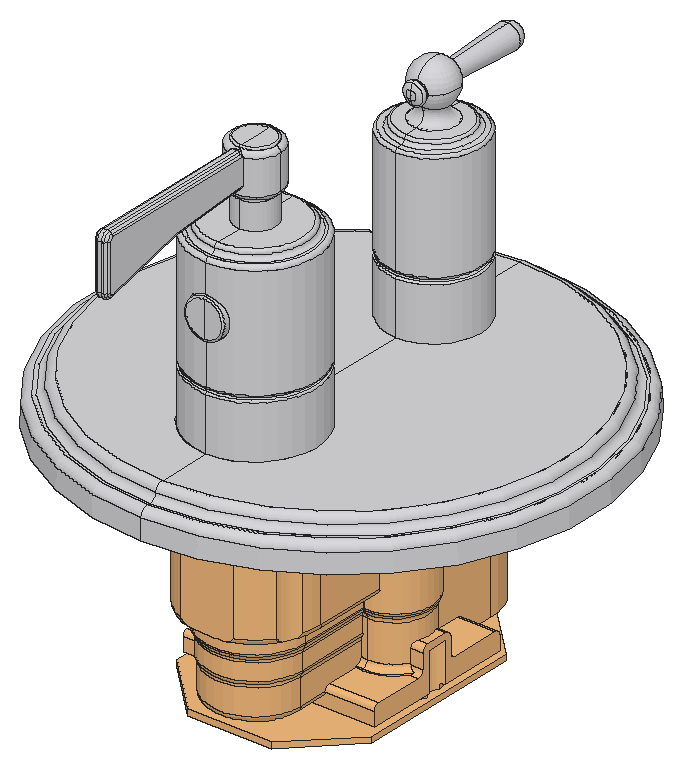
Revit family "Shower-Valve_Trim-KOHLER-MODULO-K-72817T_1", category Plumbing Fixtures, host Face, Revit 2017
Family settings
  Host = Face
  Round Connector Dimension = Use Diameter
  Part Type = Normal
  OmniClass Number = 23.31.25.00
  Cut with Voids When Loaded = No
  Shared = No
  Room Calculation Point = No
Parameters (values of type "CP-Polished Chrome")
  Width = 7 11/128"  # constant formula
  WaterSense Certified = 1 = 0  # no
  Waste Water Outlet = "Waste Water Outlet"  # constant formula
  Waste Connection = 1 = 0  # no
  Vent Connection = 1 = 0  # no
  URL = "http://www.kohler.com.cn/"
  Type = 1
  Tempered Water Outlet 2 = "Tempered Water Outlet 2"  # constant formula
  Tempered Water Outlet 1 = "Tempered Water Outlet 1"  # constant formula
  Product Page URL = "https://www.kohler.com.cn/product/K-72817T-4/K-72817T-4-CP/"
  Product Name = "MODULO"  # constant formula
  Product Documentation Link = "https://files.kohler.com.cn/pdfs/1595311135200_1232851-2_A1.pdf"
  Pressure = 11.00 psi  # constant formula
  Model = "K-72817T-4-CP"  # constant formula
  Handle Clearance = 2 193/256"  # constant formula
  Material = "Premium Metal Construction"  # constant formula
  Master Format 2014 Name = "Residential Showers"  # constant formula
  Master Format 2014 = "22 42 23"  # constant formula
  Manufacturer Address = "Kohler Beijing Office (100016) 36-2-03-B, No. 88, Liuxiang Road, Beijing"  # constant formula
  Manufacturer = "KOHLER Co."  # constant formula
  Length = 4 29/128"  # constant formula
  Hot Water Inlet = "Hot Water Inlet"  # constant formula
  Height = 7 11/128"  # constant formula
  HW Connection = 1 = 1  # yes
  Flow Rate = 0 GPM
  Finish = Kohler-Metal-CP-Polished_Chrome
  Environmental Product Declaration = ""
  Drain Included = 1 = 0  # no
  Description = "Smart matching valve core series Smart matching round thermostatic in-wall bathtub shower valve core and panel (Yaqi handle)"  # constant formula
  Default Elevation = 42"
  Declare Label = ""
  Date Modified = "10/09/2020"  # constant formula
  Date Created = "10/09/2020"  # constant formula
  Copyright = "Copyright KOHLER Co."  # constant formula
  Contact Us = "http://www.kohler.com.cn/contact/contact-us/"
  Cold Water Inlet = "Cold Water Inlet"  # constant formula
  CW Connection = 1 = 1  # yes
  Assembly Code = "D2010700"
  ADA Compliant = 1 = 0  # no
Reference planes (in)
  plane 1 "Center (Front/Back)": y = 0
  plane 2: z = 0
  plane 3 "Center (Left/Right)": x = 0
  plane 4: x = -3.54346
  plane 5: x = -0.86614
  plane 6: z = 3.53149
  plane 7: x = 0.63921
  plane 8: x = 3.54247
  plane 9: z = 0.59055
  plane 10: y = 3.54331
  plane 11: y = -3.54262
  plane 12: y = 2.30318
  plane 13: y = -0.6496
  plane 14: y = -2.38188
  plane 15: y = 3.11182
  plane 16: y = -4.26974
  plane 17: y = 1.63386
  plane 18: y = -1.51583
  plane 19: y = 0.96455
  plane 20: z = 4.22656
  plane 21: z = -3.34872
  plane 22: x = 0.86614
  plane 23: x = 0.66929
  plane 24: x = -0.66929
Forms (in)
  Extrusion 1, void
    sketch origin (0, 0, 0) x (1, 0, 0) y (0, 1, 0)
      loop
        line (-1.55483, 2.53101) -> (-1.55483, -2.531) -> (1.37824, -2.531) -> (1.37824, 2.53101) -> (-1.55483, 2.53101)
    from 0 to -3.10856
Dimensions and locks (in)
  "Width": plane 4 to plane 8
  "Height": plane 10 to plane 11
  "Handle Clearance": plane 18 to plane 16
  "Length": plane 20 to level
  plane 17 to plane 18 = 3.14969"
  plane 15 to plane 17 = 1.47795"
  aligned and locked: plane 2 to host face
  aligned and locked: level to host face
Automatic sketch dimensions
  host sketch curve to host sketch curve = 96"  (x2)
  plane 5 to Extrusion 1 sketch curve = 0.68869"
  Extrusion 1 sketch curve to plane 7 = 0.73903"
  plane 1 "Center (Front/Back)" to Extrusion 1 sketch curve = 2.531"
  Extrusion 1 sketch curve to plane 1 "Center (Front/Back)" = 2.53101"
Nested families (in)
  nested 1: "K-72817T" at (0, 0, 0), type "K-72817T"
Connectors (in)
  piping at (-0.86614, 0, -3.10856), diameter 0.5, driven by "Flow Rate", driven by "HW Connection", driven by "Hot Water Inlet", driven by "Pressure"
    settings: on nested 1, index 1, connector inside diameter 24", connector length 0", flow factor 0, pipe flow 0 GPM, pressure drop 11.00 psi, fitting loss kfactor 0, connector angle 0.00°, fixture units 0, engagement length 0", angle of deflection 0.00°, flow configuration 0, flow direction 1, fitting loss method 4, system type 19, joint type 0, gender type 0, connector reference index -1, connector utility 1, adjustable connector no, is connector primary yes, connector description "Hot Water Inlet"
  piping at (0, -1.51574, -3.10856), diameter 0.5, driven by "Flow Rate", driven by "HW Connection", driven by "Tempered Water Outlet 1", driven by "Pressure"
    settings: on nested 1, index 2, connector inside diameter 24", connector length 0", flow factor 0, pipe flow 0 GPM, pressure drop 11.00 psi, fitting loss kfactor 0, connector angle 0.00°, fixture units 0, engagement length 0", angle of deflection 0.00°, flow configuration 0, flow direction 2, fitting loss method 4, system type 19, joint type 0, gender type 0, connector reference index -1, connector utility 1, adjustable connector no, is connector primary no, connector description "Tempered Water Outlet 1"
  piping at (0, 1.63386, -3.10856), diameter 0.5, driven by "Flow Rate", driven by "HW Connection", driven by "Tempered Water Outlet 2", driven by "Pressure"
    settings: on nested 1, index 3, connector inside diameter 24", connector length 0", flow factor 0, pipe flow 0 GPM, pressure drop 11.00 psi, fitting loss kfactor 0, connector angle 0.00°, fixture units 0, engagement length 0", angle of deflection 0.00°, flow configuration 0, flow direction 2, fitting loss method 4, system type 19, joint type 0, gender type 0, connector reference index -1, connector utility 1, adjustable connector no, is connector primary no, connector description "Tempered Water Outlet 2"
  piping at (0.86614, 0, -3.10856), diameter 0.5, driven by "Flow Rate", driven by "CW Connection", driven by "Cold Water Inlet", driven by "Pressure"
    settings: on nested 1, index 4, connector inside diameter 24", connector length 0", flow factor 0, pipe flow 0 GPM, pressure drop 11.00 psi, fitting loss kfactor 0, connector angle 0.00°, fixture units 0, engagement length 0", angle of deflection 0.00°, flow configuration 0, flow direction 1, fitting loss method 4, system type 20, joint type 0, gender type 0, connector reference index -1, connector utility 1, adjustable connector no, is connector primary no, connector description "Cold Water Inlet"
Definition of nested family "K-72817T"
  Parameters (values of type "K-72817T")
    Material = none
  Reference planes (in)
    plane 1 "Center (Front/Back)": y = 0
    plane 2: z = 0
    plane 3 "Center (Left/Right)": x = 0
    plane 4: x = 0.68992
    plane 5: z = 0.59055
    plane 6: x = -0.86614
    plane 7: z = 3.53149
    plane 8: x = 0.86614
    plane 9: x = -3.54346
    plane 10: x = 3.54346
    plane 11: x = -0.86614
    plane 12: x = -0.68992
    plane 13: y = 3.54331
    plane 14: z = 3.94689
    plane 15: y = -1.51574
    plane 16: y = 1.63386
    plane 17: y = -3.54331
    plane 18: y = -4.26974
    plane 19: y = 3.11182
  Forms (in)
    Revolve 1, solid, material <- "Material", detail levels medium+fine
      sketch origin (0, 0, 0) x (0, 1, 0) y (0, 0, 1)
        loop
          line (2.30316, 0.59055) -> (2.30316, 1.33633) -> (2.28121, 1.35827) -> (2.21457, 1.35827) -> (2.21457, 1.40551) -> (2.28349, 1.40551)
          arc (2.28349, 1.40551) -> (2.2974, 1.41127) -> (2.30316, 1.42517) r 0.01966
          line (2.30316, 1.42517) -> (2.30316, 2.92726)
          arc (2.30316, 2.92726) -> (2.29357, 2.95302) -> (2.26947, 2.96624) r 0.0394
          arc (2.26947, 2.96624) -> (2.23244, 2.97183) -> (2.19547, 2.97775) r 4.26932
          arc (2.19547, 2.97775) -> (2.1618, 2.9954) -> (2.14531, 3.02965) r 0.06048
          arc (2.14531, 3.02965) -> (2.13409, 3.05237) -> (2.1113, 3.06342) r 0.03908
          arc (2.1113, 3.06342) -> (2.02436, 3.0731) -> (1.93723, 3.0809) r 4.06962
          line (1.93723, 3.0809) -> (1.63386, 3.0809) -> (1.63386, 0.59055) -> (2.30316, 0.59055)
        axis (1.63386, 0.59055) -> (1.63386, 3.0809)
      angle from 0 to 360
    Revolve 2, solid, material <- "Material", detail levels medium+fine
      sketch origin (0, 0, 0) x (0, 1, 0) y (0, 0, 1)
        loop
          arc (3.11182, 3.5315) -> (3.05832, 3.65834) -> (2.93013, 3.70861) r 0.17711
          arc (2.93013, 3.70861) -> (2.42556, 3.6896) -> (1.92158, 3.65864) r 21.31025
          line (1.92158, 3.65864) -> (1.34918, 3.66557)
          arc (1.34918, 3.66557) -> (1.33185, 3.66437) -> (1.3173, 3.67385) r 0.02734
          arc (1.3173, 3.67385) -> (1.29141, 3.68619) -> (1.2658, 3.67326) r 0.03256
          arc (1.2658, 3.67326) -> (1.24559, 3.63898) -> (1.23367, 3.601) r 0.17443
          arc (1.23367, 3.601) -> (1.22875, 3.56641) -> (1.22719, 3.5315) r 0.36085
          line (1.22719, 3.5315) -> (3.11182, 3.5315)
        axis (1.22719, 3.5315) -> (3.11182, 3.5315)
      angle from 0 to 360
    Revolve 3, solid, material <- "Material", detail levels medium+fine
      sketch origin (0, 0, 0) x (0, 1, 0) y (0, 0, 1)
        loop
          line (-0.73818, 1.35827) -> (-0.73818, 1.40551) -> (-0.66929, 1.40551)
          arc (-0.66929, 1.40551) -> (-0.65537, 1.41128) -> (-0.6496, 1.4252) r 0.01969
          line (-0.6496, 1.4252) -> (-0.6496, 3.00145)
          arc (-0.6496, 3.00145) -> (-0.66647, 3.04218) -> (-0.70721, 3.05906) r 0.05761
          line (-0.70721, 3.05906) -> (-0.74905, 3.05906)
          arc (-0.74905, 3.05906) -> (-0.79373, 3.07976) -> (-0.80683, 3.12724) r 0.05857
          arc (-0.80683, 3.12724) -> (-0.81641, 3.162) -> (-0.84914, 3.17717) r 0.04289
          line (-0.84914, 3.17717) -> (-1.23793, 3.17717) -> (-1.23793, 3.54781)
          arc (-1.23793, 3.54781) -> (-1.21952, 3.59522) -> (-1.17394, 3.6178) r 0.07027
          line (-1.17394, 3.6178) -> (-1.51574, 3.6178) -> (-1.51574, 0.59055) -> (-0.6496, 0.59055) -> (-0.6496, 1.33857)
          arc (-0.6496, 1.33857) -> (-0.65537, 1.3525) -> (-0.6693, 1.35827) r 0.0197
          line (-0.6693, 1.35827) -> (-0.73818, 1.35827)
        axis (-1.51574, 3.6178) -> (-1.51574, 0.59055)
      angle from 0 to 360
    Revolve 4, solid, material <- "Material", detail levels medium+fine
      sketch origin (0, 0, 0) x (0, 1, 0) y (0, 0, 1)
        loop
          line (0, 0) -> (3.54331, 0) -> (3.53355, 0.27966)
          arc (3.53355, 0.27966) -> (3.49754, 0.36054) -> (3.41545, 0.3937) r 0.11817
          line (3.41545, 0.3937) -> (3.36864, 0.3937)
          arc (3.36864, 0.3937) -> (3.30242, 0.41956) -> (3.27123, 0.48345) r 0.09774
          arc (3.27123, 0.48345) -> (3.23401, 0.55969) -> (3.15497, 0.59055) r 0.11665
          line (3.15497, 0.59055) -> (0, 0.59055) -> (0, 0)
        axis (0, 0.59055) -> (0, 0)
      angle from 0 to 360
    Extrusion 5, void
      sketch origin (0, 0, 0) x (1, 0, 0) y (0, 0, 1)
        loop
          circle (-0.00009, 2.31112) r 0.29586
      from 2.26097 to 2.45027
    Revolve 6, solid, material <- "Material", detail levels medium+fine
      sketch origin (0, 0, 0) x (0, 1, 0) y (0, 0, 1)
        loop
          line (-2.20894, 2.30709) -> (-2.20894, 2.58267) -> (-2.40243, 2.58267)
          arc (-2.40243, 2.58267) -> (-2.41668, 2.57677) -> (-2.42259, 2.56251) r 0.02016
          line (-2.42259, 2.56251) -> (-2.42259, 2.30709) -> (-2.20894, 2.30709)
        axis (-2.42259, 2.30709) -> (-2.20894, 2.30709)
      angle from 0 to 360
    Revolve 7, solid, material <- "Material", detail levels medium+fine
      sketch origin (0, 0, 0) x (0, 1, 0) y (0, 0, 1)
        loop
          arc (1.94627, 3.5315) -> (1.85667, 3.75585) -> (1.63386, 3.84925) r 0.31245
          line (1.63386, 3.84925) -> (1.63386, 3.0809) -> (1.94606, 3.0809)
          arc (1.94606, 3.0809) -> (1.8255, 3.16065) -> (1.85174, 3.3028) r 0.13099
          arc (1.85174, 3.3028) -> (1.9207, 3.40818) -> (1.94627, 3.5315) r 0.33782
        axis (1.63386, 3.0809) -> (1.63386, 3.84925)
      angle from 0 to 360
    Extrusion 8, solid, detail levels medium+fine
      sketch origin (0, 0, 0) x (1, 0, 0) y (0, 1, 0)
        loop
          line (-1.37767, 1.18111) -> (-1.37767, -1.1811) -> (-0.59027, -1.9685) -> (0.59083, -1.9685) -> (1.37824, -1.1811) -> (1.37824, 1.18111) -> (0.59083, 1.96851) -> (-0.59027, 1.96851) -> (-1.37767, 1.18111)
      from -3.10856 to -3.02982
    Sweep 9, solid, detail levels medium+fine
      path origin (0, 0, 0) x (1, 0, 0) y (0, 1, 0)
        loop
          line (-0.92491, -0.41589) -> (-0.92491, -1.5195)
          arc (-0.92491, -1.5195) -> (0.00028, -2.4447) -> (0.92548, -1.5195) r 0.9252
          line (0.92548, -1.5195) -> (0.92548, -0.41589)
      profile origin (0.92548, -0.9677, 0) x (-1, 0, 0) y (0, 0, 1)
        loop
          line (0.28543, -2.38556) -> (0.28543, -2.75898)
          arc (0.28543, -2.75898) -> (0.30787, -2.81315) -> (0.36205, -2.83559) r 0.07662
          line (0.36205, -2.83559) -> (0.44974, -2.83559) -> (0.44974, -0.58973) -> (0.07368, -0.60286)
          arc (0.07368, -0.60286) -> (0.02143, -0.62613) -> (0, -0.67916) r 0.07634
          line (0, -0.67916) -> (0, -1.62756)
          arc (0, -1.62756) -> (0.0217, -1.68128) -> (0.07463, -1.70484) r 0.07733
          line (0.07463, -1.70484) -> (0.13089, -1.70681)
          arc (0.13089, -1.70681) -> (0.18465, -1.73074) -> (0.20669, -1.7853) r 0.07854
          line (0.20669, -1.7853) -> (0.20669, -1.92642)
          arc (0.20669, -1.92642) -> (0.209, -1.94396) -> (0.21577, -1.96031) r 0.06778
          line (0.21577, -1.96031) -> (0.24455, -2.01014)
          arc (0.24455, -2.01014) -> (0.25302, -2.03059) -> (0.25591, -2.05254) r 0.08479
          line (0.25591, -2.05254) -> (0.25591, -2.29306)
          arc (0.25591, -2.29306) -> (0.25921, -2.31427) -> (0.2688, -2.33347) r 0.06975
          arc (0.2688, -2.33347) -> (0.28118, -2.35822) -> (0.28543, -2.38556) r 0.08991
    Revolve 10, solid, detail levels medium+fine
      sketch origin (-0.75, 0, 0) x (0, 1, 0) y (0, 0, 1)
        loop
          line (0, -0.54951) -> (0, -3.02982) -> (0.55978, -3.02982) -> (0.55978, -2.67089)
          arc (0.55978, -2.67089) -> (0.50166, -2.64682) -> (0.47758, -2.58869) r 0.08221
          line (0.47758, -2.58869) -> (0.47758, -2.0613)
          arc (0.47758, -2.0613) -> (0.48165, -2.03038) -> (0.49358, -2.00157) r 0.11947
          line (0.49358, -2.00157) -> (0.51956, -1.95658)
          arc (0.51956, -1.95658) -> (0.52571, -1.94173) -> (0.52781, -1.92579) r 0.06157
          line (0.52781, -1.92579) -> (0.52781, -1.23823)
          arc (0.52781, -1.23823) -> (0.5313, -1.21167) -> (0.54156, -1.18691) r 0.10264
          line (0.54156, -1.18691) -> (0.55799, -1.15845)
          arc (0.55799, -1.15845) -> (0.56597, -1.13918) -> (0.5687, -1.11849) r 0.07992
          line (0.5687, -1.11849) -> (0.5687, -0.65974) -> (0.50858, -0.65974) -> (0.53151, -0.63682) -> (0.53151, -0.57221) -> (0.50881, -0.54951) -> (0, -0.54951)
        axis (0, -3.02982) -> (0, -0.54951)
      angle from 0 to 360
    Revolve 11, solid, detail levels medium+fine
      sketch origin (0.75057, 0, 0) x (0, 1, 0) y (0, 0, -1)
        loop
          line (0, 0.54951) -> (0.50881, 0.54951) -> (0.53151, 0.57221) -> (0.53151, 0.63682) -> (0.50858, 0.65974) -> (0.5687, 0.65974) -> (0.5687, 1.11849)
          arc (0.5687, 1.11849) -> (0.56597, 1.13918) -> (0.55799, 1.15845) r 0.07992
          line (0.55799, 1.15845) -> (0.54156, 1.18691)
          arc (0.54156, 1.18691) -> (0.5313, 1.21167) -> (0.52781, 1.23823) r 0.10264
          line (0.52781, 1.23823) -> (0.52781, 1.92579)
          arc (0.52781, 1.92579) -> (0.52571, 1.94173) -> (0.51956, 1.95658) r 0.06157
          line (0.51956, 1.95658) -> (0.49358, 2.00157)
          arc (0.49358, 2.00157) -> (0.48165, 2.03038) -> (0.47758, 2.0613) r 0.11947
          line (0.47758, 2.0613) -> (0.47758, 2.58869)
          arc (0.47758, 2.58869) -> (0.50166, 2.64682) -> (0.55978, 2.67089) r 0.08221
          line (0.55978, 2.67089) -> (0.55978, 3.02982) -> (0, 3.02982) -> (0, 0.54951)
        axis (0, 3.02982) -> (0, 0.54951)
      angle from 0 to 360
    Sweep 12, solid, detail levels medium+fine
      path origin (0, 0, 0) x (1, 0, 0) y (0, 1, 0)
        loop
          line (0.80737, 0.45838) -> (0.80737, 1.63383)
          arc (0.80737, 1.63383) -> (0.00028, 2.44092) -> (-0.8068, 1.63383) r 0.80709
          line (-0.8068, 1.63383) -> (-0.8068, 0.45838)
      profile origin (0.80737, 1.04611, 0) x (-1, 0, 0) y (0, 0, 1)
        loop
          line (0, -0.92298) -> (0, -2.95502) -> (0.25, -2.95502) -> (0.25, -0.8288) -> (0.08539, -0.83455)
          arc (0.08539, -0.83455) -> (0.02483, -0.86151) -> (0, -0.92298) r 0.08848
    Revolve 13, solid, detail levels medium+fine
      sketch origin (0, 0, 0) x (0, 1, 0) y (0, 0, 1)
        loop
          line (-2.35815, -0.45502) -> (-2.25401, -0.45502)
          arc (-2.25401, -0.45502) -> (-2.28294, -0.56158) -> (-2.38189, -0.61059) r 0.13451
          line (-2.38189, -0.61059) -> (-2.38189, -0.89265) -> (-1.51574, -0.89265) -> (-1.51574, 0) -> (-2.38189, 0) -> (-2.38189, -0.43128) -> (-2.35815, -0.45502)
        axis (-1.51574, 0) -> (-1.51574, -0.89265)
      angle from 0 to 360
    Revolve 14, solid, detail levels medium+fine
      sketch origin (0.00027, 0, 0) x (0, 1, 0) y (0, 0, 1)
        loop
          line (0.96457, -0.75029) -> (1.00081, -0.75029) -> (1.00081, -1.00029) -> (1.63386, -1.00029) -> (1.63386, 0) -> (0.96457, 0) -> (0.96457, -0.75029)
        axis (1.63386, 0) -> (1.63386, -1.00029)
      angle from 0 to 360
    Extrusion 15, solid, detail levels medium+fine
      sketch origin (0, 0, 0) x (0, 1, 0) y (0, 0, 1)
        loop
          line (-0.31692, -2.68552) -> (-1.02842, -2.68552)
          arc (-1.02842, -2.68552) -> (-1.08017, -2.70696) -> (-1.10161, -2.75871) r 0.07319
          line (-1.10161, -2.75871) -> (-1.10161, -2.95561) -> (1.10162, -2.95561) -> (1.10162, -2.75928)
          arc (1.10162, -2.75928) -> (1.08001, -2.70712) -> (1.02786, -2.68552) r 0.07376
          line (1.02786, -2.68552) -> (0.31677, -2.68552)
          arc (0.31677, -2.68552) -> (0.26169, -2.66271) -> (0.23888, -2.60763) r 0.07789
          line (0.23888, -2.60763) -> (0.23888, -2.40213)
          arc (0.23888, -2.40213) -> (0.21516, -2.34488) -> (0.1579, -2.32116) r 0.08097
          line (0.1579, -2.32116) -> (-0.15768, -2.32116)
          arc (-0.15768, -2.32116) -> (-0.21509, -2.34494) -> (-0.23887, -2.40235) r 0.08119
          line (-0.23887, -2.40235) -> (-0.23887, -2.60748)
          arc (-0.23887, -2.60748) -> (-0.26173, -2.66266) -> (-0.31692, -2.68552) r 0.07804
      from -1.34814 to 1.34871
    Extrusion 16, void
      sketch origin (0, 0, 0) x (1, 0, 0) y (0, 1, 0)
        loop
          line (1.38084, -0.15608) -> (1.38084, 0.15609)
          arc (1.38084, 0.15609) -> (1.23887, 0) -> (1.38084, -0.15608) r 0.15679
        loop
          arc (-1.38027, -0.15608) -> (-1.23831, 0) -> (-1.38027, 0.15609) r 0.15679
          line (-1.38027, 0.15609) -> (-1.38027, -0.15608)
      from -3.02982 to -2.40384
    Extrusion 17, void
      sketch origin (0, 0, 0) x (1, 0, 0) y (0, 1, 0)
        loop
          line (-0.91353, -1.76965) -> (-0.75045, -2.11937)
          arc (-0.75045, -2.11937) -> (-0.77679, -1.91877) -> (-0.91353, -1.76965) r 0.33605
        loop
          arc (-0.40375, -2.36659) -> (0.00294, -2.46753) -> (0.40963, -2.36659) r 0.86978
          arc (0.40963, -2.36659) -> (0.00294, -2.36446) -> (-0.40375, -2.36659) r 38.76517
        loop
          arc (0.91409, -1.76965) -> (0.77735, -1.91877) -> (0.75101, -2.11937) r 0.33605
          line (0.75101, -2.11937) -> (0.91409, -1.76965)
      from -1.75423 to -0.59202
    Extrusion 18, void
      sketch origin (0, 0, 0) x (1, 0, 0) y (0, 1, 0)
        loop
          line (-0.32587, 2.38189) -> (0.32644, 2.38189)
          arc (0.32644, 2.38189) -> (0.00028, 2.4499) -> (-0.32587, 2.38189) r 0.81607
      from -2.55014 to -0.83455
    Extrusion 19, void
      sketch origin (0, 0, 0) x (1, 0, 0) y (0, 1, 0)
        loop
          line (-0.56985, 2.26687) -> (0.56306, 2.26687)
          arc (0.56306, 2.26687) -> (-0.00339, 2.49557) -> (-0.56985, 2.26687) r 0.81586
      from -2.95502 to -2.44776
    Extrusion 20, solid, detail levels medium+fine
      sketch origin (0, 0, 0) x (1, 0, 0) y (0, 1, 0)
        loop
          arc (-0.47518, -1.5195) -> (0.00028, -1.99496) -> (0.47574, -1.5195) r 0.47546
          line (0.47574, -1.5195) -> (0.47574, -0.5195) -> (-0.47518, -0.5195) -> (-0.47518, -1.5195)
      from -2.83559 to -0.61059
    Extrusion 21, solid, detail levels medium+fine
      sketch origin (0, 0, 0) x (1, 0, 0) y (0, 1, 0)
        loop
          arc (0.55737, 1.63383) -> (0.00028, 2.19092) -> (-0.5568, 1.63383) r 0.55709
          line (-0.5568, 1.63383) -> (-0.5568, 0.55399) -> (0.55737, 0.55399) -> (0.55737, 1.63383)
      from -2.95502 to -0.83455
    Extrusion 22, void
      sketch origin (0, 0, 0) x (1, 0, 0) y (0, 1, 0)
        loop
          line (-0.4131, -0.03937) -> (-0.4131, 0.03937) -> (-0.61768, 0.03937)
          arc (-0.61768, 0.03937) -> (-0.88805, 0) -> (-0.61768, -0.03937) r 0.13805
          line (-0.61768, -0.03937) -> (-0.4131, -0.03937)
      from -0.58973 to -0.50052
    Extrusion 23, void
      sketch origin (0.00055, 0, 0) x (-1, 0, 0) y (0, -1, 0)
        loop
          line (-0.4131, 0.03937) -> (-0.61768, 0.03937)
          arc (-0.61768, 0.03937) -> (-0.88805, 0) -> (-0.61768, -0.03937) r 0.13805
          line (-0.61768, -0.03937) -> (-0.4131, -0.03937) -> (-0.4131, 0.03937)
      from -0.58973 to -0.50052
    Revolve 24, void
      sketch origin (-0.01266, -3.01609, 0.43381) x (0, 1, 0) y (0, 0, 1)
        loop
          line (2.39693, 0.17161) -> (1.50037, 0.17161) -> (1.50037, 0.07318) -> (2.37637, 0.07318) -> (2.37637, 0.15105)
          arc (2.37637, 0.15105) -> (2.38239, 0.16558) -> (2.39693, 0.17161) r 0.02056
        axis (1.50037, 0.07318) -> (1.50037, 0.17161)
      angle from 0 to 360
    Extrusion 25, solid, detail levels medium+fine
      sketch origin (0, 0, 0) x (1, 0, 0) y (0, 1, 0)
        loop
          circle (0, 1.63386) r 0.07874
        loop
          circle (0, -1.51574) r 0.07874
        loop
          circle (0.86614, 0) r 0.07874
        loop
          circle (-0.86614, 0) r 0.07874
      from -3.10856 to -3.02982
    Sweep 26, solid, material <- "Material", detail levels medium+fine
      path origin (0, 0, 0) x (1, 0, 0) y (0, 1, 0)
        loop
          circle (0, -1.51574) r 0.28344
      profile origin (0, -1.2323, 0) x (0, -1, 0) y (0, 0, 1)
        loop
          arc (0, 4.20657) -> (-0.0519, 4.18737) -> (-0.07373, 4.13652) r 0.07014
          line (-0.07373, 4.13652) -> (-0.07373, 3.65006)
          arc (-0.07373, 3.65006) -> (-0.06969, 3.6322) -> (-0.05836, 3.6178) r 0.04155
          line (-0.05836, 3.6178) -> (0, 3.6178) -> (0, 4.20657)
    Sweep 27, solid, material <- "Material", detail levels medium+fine
      path origin (0, 0, 0) x (0, 1, 0) y (0, 0, 1)
        loop
          line (-1.87517, 4.13732) -> (-4.15199, 4.13732)
          arc (-4.15199, 4.13732) -> (-4.17983, 4.12579) -> (-4.19136, 4.09795) r 0.03937
          line (-4.19136, 4.09795) -> (-4.19136, 3.4517)
          arc (-4.19136, 3.4517) -> (-4.17499, 3.41975) -> (-4.1395, 3.41436) r 0.03937
          arc (-4.1395, 3.41436) -> (-3.02229, 3.68934) -> (-1.87529, 3.77958) r 7.07404
          arc (-1.87529, 3.77958) -> (-1.84737, 3.79107) -> (-1.8358, 3.81895) r 0.03937
          line (-1.8358, 3.81895) -> (-1.8358, 4.09795)
          arc (-1.8358, 4.09795) -> (-1.84733, 4.12579) -> (-1.87517, 4.13732) r 0.03937
      profile origin (0, -3.01358, 4.13732) x (0, 0, -1) y (1, 0, 0)
        loop
          line (0, -0.09568) -> (0, 0.09568)
          arc (0, 0.09568) -> (-0.01659, 0.09071) -> (-0.03067, 0.08064) r 0.05281
          line (-0.03067, 0.08064) -> (-0.05752, 0.05379)
          arc (-0.05752, 0.05379) -> (-0.06624, 0.04069) -> (-0.06925, 0.02523) r 0.04005
          line (-0.06925, 0.02523) -> (-0.06925, -0.02523)
          arc (-0.06925, -0.02523) -> (-0.06624, -0.04069) -> (-0.05752, -0.05379) r 0.04005
          line (-0.05752, -0.05379) -> (-0.03067, -0.08064)
          arc (-0.03067, -0.08064) -> (-0.01659, -0.09071) -> (0, -0.09568) r 0.05281
    Extrusion 28, solid, material <- "Material", detail levels medium+fine
      sketch origin (0, 0, 0) x (0, 1, 0) y (0, 0, 1)
        loop
          arc (-4.15199, 4.13732) -> (-4.17983, 4.12579) -> (-4.19136, 4.09795) r 0.03937
          line (-4.19136, 4.09795) -> (-4.19136, 3.4517)
          arc (-4.19136, 3.4517) -> (-4.17499, 3.41975) -> (-4.1395, 3.41436) r 0.03937
          arc (-4.1395, 3.41436) -> (-3.02229, 3.68934) -> (-1.87529, 3.77958) r 7.07404
          arc (-1.87529, 3.77958) -> (-1.84737, 3.79107) -> (-1.8358, 3.81895) r 0.03937
          line (-1.8358, 3.81895) -> (-1.8358, 4.09795)
          arc (-1.8358, 4.09795) -> (-1.84733, 4.12579) -> (-1.87517, 4.13732) r 0.03937
          line (-1.87517, 4.13732) -> (-4.15199, 4.13732)
      from -0.09568 to 0.09568
    Revolve 29, solid, material <- "Material", detail levels medium+fine
      sketch origin (0, 0, 0) x (0, 1, 0) y (0, 0, 1)
        loop
          line (-1.2323, 3.6178) -> (-1.2323, 4.2041)
          arc (-1.2323, 4.2041) -> (-1.23889, 4.22) -> (-1.25478, 4.22658) r 0.02248
          line (-1.25478, 4.22658) -> (-1.51574, 4.22658) -> (-1.51574, 3.6178) -> (-1.2323, 3.6178)
        axis (-1.51574, 3.6178) -> (-1.51574, 4.22658)
      angle from 0 to 360
    Revolve 30, solid, material <- "Material", detail levels coarse
      sketch origin (0, 0, 0) x (0, 1, 0) y (0, 0, 1)
        loop
          line (3.54331, 0) -> (3.54331, 0.59055) -> (0, 0.59055) -> (0, 0) -> (3.54331, 0)
        axis (0, 0) -> (0, 0.59055)
      angle from 0 to 360
    Revolve 31, solid, material <- "Material", detail levels coarse
      sketch origin (0, 0, 0) x (0, 1, 0) y (0, 0, 1)
        loop
          line (2.30316, 0.59055) -> (2.30316, 3.84525) -> (1.63386, 3.84525) -> (1.63386, 0.59055) -> (2.30316, 0.59055)
        axis (1.63386, 0.59055) -> (1.63386, 3.84525)
      angle from 0 to 360
    Revolve 32, solid, material <- "Material", detail levels coarse
      sketch origin (0, 0, 0) x (0, 1, 0) y (0, 0, 1)
        loop
          line (1.91667, 3.74083) -> (1.91667, 3.53149) -> (3.11888, 3.53149) -> (3.11888, 3.74083) -> (1.91667, 3.74083)
        axis (1.91667, 3.53149) -> (3.11888, 3.53149)
      angle from 0 to 360
    Revolve 33, solid, material <- "Material", detail levels coarse
      sketch origin (0, 0, 0) x (0, 1, 0) y (0, 0, 1)
        loop
          line (-0.6496, 0.59055) -> (-0.6496, 4.24046) -> (-1.51574, 4.24046) -> (-1.51574, 0.59055) -> (-0.6496, 0.59055)
        axis (-1.51574, 0.59055) -> (-1.51574, 4.24046)
      angle from 0 to 360
    Extrusion 34, solid, material <- "Material", detail levels coarse
      sketch origin (0, 0, 0) x (0, 1, 0) y (0, 0, 1)
        loop
          line (-2.3075, 4.24046) -> (-4.26974, 4.24046) -> (-4.26974, 3.25348) -> (-2.3075, 3.6349) -> (-2.3075, 4.24046)
      from -0.09568 to 0.09568
    Extrusion 35, solid, detail levels coarse
      sketch origin (-0.22638, 0, 0) x (1, 0, 0) y (0, 1, 0)
        loop
          line (-1.24186, 2.38189) -> (-1.32846, 2.29529) -> (-1.32846, -2.01037) -> (-0.95693, -2.38189) -> (0.98661, -2.38189) -> (1.60461, -1.76389) -> (1.60461, 1.76389) -> (0.98661, 2.38189) -> (-1.24186, 2.38189)
      from 0 to -3.10856
  Cuts and joins
    Extrusion 5 cuts Revolve 3
    Revolve 24 cuts Revolve 4
    joined: Revolve 1, Revolve 2, Revolve 3, Revolve 4, Revolve 6
    Extrusion 16, Extrusion 22, Extrusion 23 cuts Revolve 10
    Extrusion 16, Extrusion 23 cuts Revolve 11
    Extrusion 16, Extrusion 23 cuts Extrusion 15
    joined: Revolve 10, Revolve 11, Extrusion 15
    Extrusion 17 cuts Sweep 9
    Extrusion 18, Extrusion 19 cuts Sweep 12
    Extrusion 17 cuts Revolve 13
    joined: Extrusion 8, Sweep 9, Sweep 12, Revolve 13, Revolve 14, Extrusion 20, Extrusion 21
    joined: Revolve 30, Revolve 31, Revolve 32, Revolve 33, Extrusion 34
  Lines and regions (in)
    Masking region 1
      outline origin (0, 0, 0) x (1, 0, 0) y (0, 1, 0)
        loop
          arc (-3.54352, 0) -> (-2.53925, -2.47155) -> (-0.09568, -3.54213) r 3.54342
          line (-0.09568, -3.54213) -> (-0.09568, -4.19917)
          arc (-0.09568, -4.19917) -> (-0.09209, -4.21435) -> (-0.08327, -4.22721) r 0.04253
          line (-0.08327, -4.22721) -> (-0.05379, -4.25669)
          arc (-0.05379, -4.25669) -> (-0.04069, -4.26542) -> (-0.02523, -4.26842) r 0.04005
          line (-0.02523, -4.26842) -> (0.02523, -4.26842)
          arc (0.02523, -4.26842) -> (0.04069, -4.26542) -> (0.05379, -4.25669) r 0.04005
          line (0.05379, -4.25669) -> (0.08327, -4.22721)
          arc (0.08327, -4.22721) -> (0.09209, -4.21435) -> (0.09568, -4.19917) r 0.04253
          line (0.09568, -4.19917) -> (0.09568, -3.54213)
          arc (0.09568, -3.54213) -> (2.53911, -2.47148) -> (3.54332, 0) r 3.54342
          arc (3.54332, 0) -> (-0.0001, 3.54342) -> (-3.54352, 0) r 3.54342
    Masking region 2
      outline origin (0, 0, 0) x (1, 0, 0) y (0, 0, 1)
        loop
          line (3.4156, 0.3937) -> (3.36879, 0.3937)
          arc (3.36879, 0.3937) -> (3.30257, 0.41956) -> (3.27138, 0.48345) r 0.09774
          arc (3.27138, 0.48345) -> (3.23416, 0.55969) -> (3.15512, 0.59055) r 0.11665
          line (3.15512, 0.59055) -> (0.86614, 0.59055) -> (0.86614, 1.33857)
          arc (0.86614, 1.33857) -> (0.86037, 1.3525) -> (0.84645, 1.35827) r 0.0197
          line (0.84645, 1.35827) -> (0.77756, 1.35827) -> (0.77756, 1.40551) -> (0.84645, 1.40551)
          arc (0.84645, 1.40551) -> (0.86037, 1.41128) -> (0.86614, 1.4252) r 0.01969
          line (0.86614, 1.4252) -> (0.86614, 3.00145)
          arc (0.86614, 3.00145) -> (0.84913, 3.04218) -> (0.80839, 3.05906) r 0.05761
          line (0.80839, 3.05906) -> (0.76655, 3.05906)
          arc (0.76655, 3.05906) -> (0.72187, 3.07976) -> (0.70877, 3.12724) r 0.05857
          arc (0.70877, 3.12724) -> (0.69918, 3.162) -> (0.66646, 3.17717) r 0.04289
          line (0.66646, 3.17717) -> (0.63549, 3.17717) -> (0.27763, 3.17717) -> (0.27763, 3.39021)
          arc (0.27763, 3.39021) -> (0.31088, 3.49544) -> (0.30408, 3.60559) r 0.30179
          arc (0.30408, 3.60559) -> (0.32276, 3.61226) -> (0.3418, 3.6178) r 0.33252
          arc (0.3418, 3.6178) -> (0.35395, 3.63411) -> (0.35863, 3.65389) r 0.05022
          line (0.35863, 3.65389) -> (0.35863, 4.12949)
          arc (0.35863, 4.12949) -> (0.34776, 4.16983) -> (0.31808, 4.19925) r 0.08027
          arc (0.31808, 4.19925) -> (0.30133, 4.20561) -> (0.28344, 4.20657) r 0.05814
          arc (0.28344, 4.20657) -> (0.27538, 4.22147) -> (0.25912, 4.22626) r 0.02206
          line (0.25912, 4.22626) -> (-0.25912, 4.22626)
          arc (-0.25912, 4.22626) -> (-0.27538, 4.22147) -> (-0.28344, 4.20657) r 0.02206
          arc (-0.28344, 4.20657) -> (-0.30133, 4.20561) -> (-0.31808, 4.19925) r 0.05814
          arc (-0.31808, 4.19925) -> (-0.34776, 4.16983) -> (-0.35863, 4.12949) r 0.08027
          line (-0.35863, 4.12949) -> (-0.35863, 3.65389)
          arc (-0.35863, 3.65389) -> (-0.35395, 3.63411) -> (-0.3418, 3.6178) r 0.05022
          arc (-0.3418, 3.6178) -> (-0.32276, 3.61226) -> (-0.30408, 3.60559) r 0.33252
          arc (-0.30408, 3.60559) -> (-0.31088, 3.49544) -> (-0.27763, 3.39021) r 0.30179
          line (-0.27763, 3.39021) -> (-0.27763, 3.17717) -> (-0.66675, 3.17717)
          arc (-0.66675, 3.17717) -> (-0.69947, 3.162) -> (-0.70906, 3.12724) r 0.04289
          arc (-0.70906, 3.12724) -> (-0.72215, 3.07976) -> (-0.76684, 3.05906) r 0.05857
          line (-0.76684, 3.05906) -> (-0.80868, 3.05906)
          arc (-0.80868, 3.05906) -> (-0.84795, 3.04359) -> (-0.86614, 3.0055) r 0.05761
          line (-0.86614, 3.0055) -> (-0.86614, 1.4252)
          arc (-0.86614, 1.4252) -> (-0.86037, 1.41128) -> (-0.84645, 1.40551) r 0.01969
          line (-0.84645, 1.40551) -> (-0.77756, 1.40551) -> (-0.77756, 1.35827) -> (-0.84645, 1.35827)
          arc (-0.84645, 1.35827) -> (-0.86037, 1.3525) -> (-0.86614, 1.33857) r 0.0197
          line (-0.86614, 1.33857) -> (-0.86614, 0.59055) -> (-3.15512, 0.59055)
          arc (-3.15512, 0.59055) -> (-3.23416, 0.55969) -> (-3.27138, 0.48345) r 0.11665
          arc (-3.27138, 0.48345) -> (-3.30257, 0.41956) -> (-3.36879, 0.3937) r 0.09774
          line (-3.36879, 0.3937) -> (-3.4156, 0.3937)
          arc (-3.4156, 0.3937) -> (-3.49769, 0.36054) -> (-3.5337, 0.27966) r 0.11817
          line (-3.5337, 0.27966) -> (-3.54346, 0) -> (0, 0) -> (3.54346, 0) -> (3.5337, 0.27966)
          arc (3.5337, 0.27966) -> (3.49769, 0.36054) -> (3.4156, 0.3937) r 0.11817
    Masking region 3
      outline origin (0, 0, 0) x (0, 1, 0) y (0, 0, 1)
        loop
          line (3.41545, 0.3937) -> (3.36864, 0.3937)
          arc (3.36864, 0.3937) -> (3.30242, 0.41956) -> (3.27123, 0.48345) r 0.09774
          arc (3.27123, 0.48345) -> (3.23401, 0.55969) -> (3.15497, 0.59055) r 0.11665
          line (3.15497, 0.59055) -> (2.30316, 0.59055) -> (2.30316, 1.33633) -> (2.28121, 1.35827) -> (2.21457, 1.35827) -> (2.21457, 1.40551) -> (2.28349, 1.40551)
          arc (2.28349, 1.40551) -> (2.2974, 1.41127) -> (2.30316, 1.42517) r 0.01966
          line (2.30316, 1.42517) -> (2.30316, 2.92726)
          arc (2.30316, 2.92726) -> (2.29357, 2.95302) -> (2.26947, 2.96624) r 0.0394
          arc (2.26947, 2.96624) -> (2.23244, 2.97183) -> (2.19547, 2.97775) r 4.26932
          arc (2.19547, 2.97775) -> (2.1618, 2.9954) -> (2.14531, 3.02965) r 0.06048
          arc (2.14531, 3.02965) -> (2.13409, 3.05237) -> (2.1113, 3.06342) r 0.03908
          arc (2.1113, 3.06342) -> (2.02436, 3.0731) -> (1.93723, 3.0809) r 4.06962
          arc (1.93723, 3.0809) -> (1.84114, 3.13421) -> (1.81838, 3.24171) r 0.13241
          arc (1.81838, 3.24171) -> (1.8248, 3.26433) -> (1.83377, 3.28606) r 0.20507
          arc (1.83377, 3.28606) -> (1.88475, 3.33996) -> (1.92158, 3.40435) r 0.31245
          arc (1.92158, 3.40435) -> (2.42556, 3.37339) -> (2.93013, 3.35438) r 21.31025
          arc (2.93013, 3.35438) -> (3.05832, 3.40465) -> (3.11182, 3.5315) r 0.17711
          arc (3.11182, 3.5315) -> (3.05832, 3.65834) -> (2.93014, 3.70855) r 0.17711
          arc (2.93014, 3.70855) -> (2.42556, 3.6896) -> (1.92158, 3.65864) r 21.31025
          arc (1.92158, 3.65864) -> (1.63765, 3.84923) -> (1.34918, 3.66557) r 0.31245
          arc (1.34918, 3.66557) -> (1.33185, 3.66437) -> (1.3173, 3.67385) r 0.02734
          arc (1.3173, 3.67385) -> (1.29141, 3.68619) -> (1.2658, 3.67326) r 0.03256
          arc (1.2658, 3.67326) -> (1.24559, 3.63898) -> (1.23367, 3.601) r 0.17443
          arc (1.23367, 3.601) -> (1.22875, 3.56641) -> (1.22719, 3.5315) r 0.36085
          arc (1.22719, 3.5315) -> (1.22875, 3.49658) -> (1.23367, 3.46199) r 0.36085
          arc (1.23367, 3.46199) -> (1.24559, 3.42401) -> (1.2658, 3.38973) r 0.17443
          arc (1.2658, 3.38973) -> (1.29141, 3.37681) -> (1.3173, 3.38914) r 0.03256
          arc (1.3173, 3.38914) -> (1.33185, 3.39862) -> (1.34918, 3.39742) r 0.02734
          arc (1.34918, 3.39742) -> (1.38525, 3.33693) -> (1.43396, 3.28606) r 0.31245
          arc (1.43396, 3.28606) -> (1.44292, 3.26433) -> (1.44935, 3.24171) r 0.20507
          arc (1.44935, 3.24171) -> (1.42659, 3.13421) -> (1.3305, 3.0809) r 0.13241
          arc (1.3305, 3.0809) -> (1.24337, 3.0731) -> (1.15643, 3.06342) r 4.06962
          arc (1.15643, 3.06342) -> (1.13364, 3.05237) -> (1.12242, 3.02965) r 0.03908
          arc (1.12242, 3.02965) -> (1.10593, 2.9954) -> (1.07226, 2.97775) r 0.06048
          arc (1.07226, 2.97775) -> (1.03529, 2.97183) -> (0.99826, 2.96624) r 4.26932
          arc (0.99826, 2.96624) -> (0.97416, 2.95302) -> (0.96457, 2.92726) r 0.0394
          line (0.96457, 2.92726) -> (0.96457, 1.42517)
          arc (0.96457, 1.42517) -> (0.97033, 1.41127) -> (0.98424, 1.40551) r 0.01966
          line (0.98424, 1.40551) -> (1.05316, 1.40551) -> (1.05316, 1.35827) -> (0.98652, 1.35827) -> (0.96457, 1.33633) -> (0.96457, 0.59055) -> (-0.6496, 0.59055) -> (-0.6496, 1.33857)
          arc (-0.6496, 1.33857) -> (-0.65537, 1.3525) -> (-0.6693, 1.35827) r 0.0197
          line (-0.6693, 1.35827) -> (-0.73818, 1.35827) -> (-0.73818, 1.40551) -> (-0.66929, 1.40551)
          arc (-0.66929, 1.40551) -> (-0.65537, 1.41128) -> (-0.6496, 1.4252) r 0.01969
          line (-0.6496, 1.4252) -> (-0.6496, 3.00145)
          arc (-0.6496, 3.00145) -> (-0.66647, 3.04218) -> (-0.70721, 3.05906) r 0.05761
          line (-0.70721, 3.05906) -> (-0.74905, 3.05906)
          arc (-0.74905, 3.05906) -> (-0.79373, 3.07976) -> (-0.80683, 3.12724) r 0.05857
          arc (-0.80683, 3.12724) -> (-0.81641, 3.162) -> (-0.84914, 3.17717) r 0.04289
          line (-0.84914, 3.17717) -> (-0.88011, 3.17717) -> (-1.23793, 3.17717) -> (-1.23793, 3.53149)
          arc (-1.23793, 3.53149) -> (-1.22019, 3.58521) -> (-1.17394, 3.6178) r 0.0902
          arc (-1.17394, 3.6178) -> (-1.16369, 3.62911) -> (-1.15998, 3.64392) r 0.03141
          line (-1.15998, 3.64392) -> (-1.15998, 4.14367)
          arc (-1.15998, 4.14367) -> (-1.18181, 4.1916) -> (-1.2323, 4.20657) r 0.06351
          arc (-1.2323, 4.20657) -> (-1.23918, 4.22087) -> (-1.25395, 4.22667) r 0.02171
          line (-1.25395, 4.22667) -> (-1.77753, 4.22667)
          arc (-1.77753, 4.22667) -> (-1.7923, 4.22087) -> (-1.79918, 4.20657) r 0.02171
          line (-1.79918, 4.20657) -> (-4.15199, 4.20657)
          arc (-4.15199, 4.20657) -> (-4.22879, 4.17476) -> (-4.26061, 4.09795) r 0.10862
          line (-4.26061, 4.09795) -> (-4.26061, 3.4517)
          arc (-4.26061, 3.4517) -> (-4.21546, 3.36355) -> (-4.11754, 3.34869) r 0.10862
          arc (-4.11754, 3.34869) -> (-3.01015, 3.62116) -> (-1.87323, 3.71033) r 7.0048
          line (-1.87323, 3.71033) -> (-1.87323, 3.64941)
          arc (-1.87323, 3.64941) -> (-1.86909, 3.63176) -> (-1.85754, 3.6178) r 0.03969
          arc (-1.85754, 3.6178) -> (-1.8113, 3.58521) -> (-1.79356, 3.53149) r 0.0902
          line (-1.79356, 3.53149) -> (-1.79356, 3.17717) -> (-2.18235, 3.17717)
          arc (-2.18235, 3.17717) -> (-2.21507, 3.162) -> (-2.22466, 3.12724) r 0.04289
          arc (-2.22466, 3.12724) -> (-2.23775, 3.07976) -> (-2.28243, 3.05906) r 0.05857
          line (-2.28243, 3.05906) -> (-2.32427, 3.05906)
          arc (-2.32427, 3.05906) -> (-2.36501, 3.04218) -> (-2.38188, 3.00145) r 0.05761
          line (-2.38188, 3.00145) -> (-2.38188, 2.58267) -> (-2.41292, 2.58267)
          arc (-2.41292, 2.58267) -> (-2.42008, 2.56783) -> (-2.42255, 2.55154) r 0.05516
          line (-2.42255, 2.55154) -> (-2.42255, 2.06263)
          arc (-2.42255, 2.06263) -> (-2.42008, 2.04634) -> (-2.41292, 2.0315) r 0.05516
          line (-2.41292, 2.0315) -> (-2.38188, 2.0315) -> (-2.38188, 1.4252)
          arc (-2.38188, 1.4252) -> (-2.37612, 1.41128) -> (-2.36219, 1.40551) r 0.01969
          line (-2.36219, 1.40551) -> (-2.2933, 1.40551) -> (-2.2933, 1.35827) -> (-2.36219, 1.35827)
          arc (-2.36219, 1.35827) -> (-2.37611, 1.3525) -> (-2.38188, 1.33857) r 0.0197
          line (-2.38188, 1.33857) -> (-2.38188, 0.59055) -> (-3.15497, 0.59055)
          arc (-3.15497, 0.59055) -> (-3.23401, 0.55969) -> (-3.27123, 0.48345) r 0.11665
          arc (-3.27123, 0.48345) -> (-3.30242, 0.41956) -> (-3.36864, 0.3937) r 0.09774
          line (-3.36864, 0.3937) -> (-3.41545, 0.3937)
          arc (-3.41545, 0.3937) -> (-3.49754, 0.36054) -> (-3.53355, 0.27966) r 0.11817
          line (-3.53355, 0.27966) -> (-3.54331, 0) -> (3.54331, 0) -> (3.53355, 0.27966)
          arc (3.53355, 0.27966) -> (3.49754, 0.36054) -> (3.41545, 0.3937) r 0.11817
    Masking region 4
      outline origin (0, 0, 0) x (0, 1, 0) y (0, 0, 1)
        loop
          line (-2.15557, -2.3854) -> (-2.15557, -2.78029)
          arc (-2.15557, -2.78029) -> (-2.13313, -2.83447) -> (-2.07895, -2.85691) r 0.07662
          line (-2.07895, -2.85691) -> (-1.2781, -2.85691)
          arc (-1.2781, -2.85691) -> (-1.22003, -2.88972) -> (-1.20644, -2.95502) r 0.08076
          line (-1.20644, -2.95502) -> (-1.02572, -2.95502)
          arc (-1.02572, -2.95502) -> (-1.06313, -2.99242) -> (-1.02572, -3.02982) r 0.0374
          line (-1.02572, -3.02982) -> (-1.9685, -3.02982) -> (-1.9685, -3.10856) -> (1.9685, -3.10856) -> (1.9685, -3.02982) -> (1.02572, -3.02982)
          arc (1.02572, -3.02982) -> (1.06313, -2.99242) -> (1.02572, -2.95502) r 0.0374
          line (1.02572, -2.95502) -> (2.28299, -2.95502) -> (2.28299, -2.54113)
          arc (2.28299, -2.54113) -> (2.29453, -2.51326) -> (2.3224, -2.50171) r 0.03941
          arc (2.3224, -2.50171) -> (2.35021, -2.4902) -> (2.36173, -2.46239) r 0.03933
          line (2.36173, -2.46239) -> (2.36173, -1.28128)
          arc (2.36173, -1.28128) -> (2.36715, -1.26153) -> (2.38189, -1.24732) r 0.03869
          line (2.38189, -1.24732) -> (2.38189, -0.8684) -> (2.26692, -0.8684) -> (2.26692, -0.75029) -> (2.30315, -0.75029) -> (2.30315, 0) -> (0.96457, 0) -> (0.96457, -0.75029) -> (0.9975, -0.75029) -> (0.9975, -0.82924)
          arc (0.9975, -0.82924) -> (0.9183, -0.8262) -> (0.83909, -0.82329) r 45.25604
          arc (0.83909, -0.82329) -> (0.79324, -0.81909) -> (0.74814, -0.80983) r 0.41409
          line (0.74814, -0.80983) -> (0.7142, -0.80983)
          arc (0.7142, -0.80983) -> (0.65856, -0.78678) -> (0.63551, -0.73115) r 0.07868
          line (0.63551, -0.73115) -> (0.63551, -0.64418)
          arc (0.63551, -0.64418) -> (0.61477, -0.59411) -> (0.5647, -0.57337) r 0.07081
          line (0.5647, -0.57337) -> (0.53281, -0.57337) -> (0.50895, -0.54951) -> (-0.50796, -0.54951) -> (-0.53182, -0.57337) -> (-0.69887, -0.57337)
          arc (-0.69887, -0.57337) -> (-0.75145, -0.55356) -> (-0.77729, -0.50366) r 0.07843
          line (-0.77729, -0.50366) -> (-0.77729, -0.45502) -> (-0.67216, -0.45502) -> (-0.6496, -0.43246) -> (-0.6496, 0) -> (-2.38189, 0) -> (-2.38189, -0.43128) -> (-2.35815, -0.45502) -> (-2.25401, -0.45502) -> (-2.25401, -0.49548)
          arc (-2.25401, -0.49548) -> (-2.27167, -0.5453) -> (-2.3173, -0.57195) r 0.0769
          arc (-2.3173, -0.57195) -> (-2.36361, -0.59884) -> (-2.38188, -0.64918) r 0.07846
          line (-2.38188, -0.64918) -> (-2.38188, -1.65586)
          arc (-2.38188, -1.65586) -> (-2.36059, -1.70969) -> (-2.30824, -1.73439) r 0.0787
          arc (-2.30824, -1.73439) -> (-2.25568, -1.7592) -> (-2.23431, -1.81324) r 0.07901
          line (-2.23431, -1.81324) -> (-2.23431, -1.92625)
          arc (-2.23431, -1.92625) -> (-2.232, -1.9438) -> (-2.22523, -1.96014) r 0.06778
          line (-2.22523, -1.96014) -> (-2.19646, -2.00998)
          arc (-2.19646, -2.00998) -> (-2.18798, -2.03043) -> (-2.1851, -2.05237) r 0.08479
          line (-2.1851, -2.05237) -> (-2.1851, -2.29289)
          arc (-2.1851, -2.29289) -> (-2.18179, -2.3141) -> (-2.1722, -2.3333) r 0.06975
          arc (-2.1722, -2.3333) -> (-2.15983, -2.35806) -> (-2.15557, -2.3854) r 0.08991
    Masking region 5, detail levels medium+fine
      outline origin (0, 0, 0) x (1, 0, 0) y (0, 0, 1)
        loop
          line (-1.34814, -2.95502) -> (-1.28111, -2.95502)
          arc (-1.28111, -2.95502) -> (-1.31851, -2.99242) -> (-1.28111, -3.02982) r 0.0374
          line (-1.28111, -3.02982) -> (-1.37767, -3.02982) -> (-1.37767, -3.10856) -> (1.37824, -3.10856) -> (1.37824, -3.02982) -> (1.28145, -3.02982)
          arc (1.28145, -3.02982) -> (1.31885, -2.99242) -> (1.28145, -2.95502) r 0.0374
          line (1.28145, -2.95502) -> (1.34871, -2.95502) -> (1.34871, -2.32116) -> (1.3072, -2.32116)
          arc (1.3072, -2.32116) -> (1.2621, -2.29336) -> (1.24064, -2.24491) r 0.08941
          line (1.24064, -2.24491) -> (1.24064, -2.05113)
          arc (1.24064, -2.05113) -> (1.24645, -2.01804) -> (1.26316, -1.98889) r 0.09731
          arc (1.26316, -1.98889) -> (1.28381, -1.95227) -> (1.29018, -1.9107) r 0.11704
          line (1.29018, -1.9107) -> (1.29018, -1.2322)
          arc (1.29018, -1.2322) -> (1.29493, -1.20369) -> (1.30865, -1.17825) r 0.08802
          arc (1.30865, -1.17825) -> (1.31903, -1.15634) -> (1.31921, -1.13209) r 0.05619
          line (1.31921, -1.13209) -> (1.31921, -0.65974) -> (1.28206, -0.65974) -> (1.28206, -0.57194) -> (1.25962, -0.54951) -> (0.75906, -0.54951)
          arc (0.75906, -0.54951) -> (0.74334, -0.50342) -> (0.73801, -0.45502) r 0.22261
          line (0.73801, -0.45502) -> (0.83909, -0.45502) -> (0.86655, -0.42756) -> (0.86655, 0.00041) -> (-0.86614, 0.00041) -> (-0.86614, -0.43093) -> (-0.84206, -0.45501) -> (-0.73801, -0.45502)
          arc (-0.73801, -0.45502) -> (-0.74334, -0.50342) -> (-0.75906, -0.54951) r 0.22261
          line (-0.75906, -0.54951) -> (-1.25864, -0.54951) -> (-1.28133, -0.57219) -> (-1.28133, -0.65974) -> (-1.3185, -0.65974) -> (-1.3185, -1.1389)
          arc (-1.3185, -1.1389) -> (-1.31357, -1.16744) -> (-1.29936, -1.19267) r 0.08512
          arc (-1.29936, -1.19267) -> (-1.29009, -1.21115) -> (-1.28952, -1.23181) r 0.04764
          line (-1.28952, -1.23181) -> (-1.28952, -1.92435)
          arc (-1.28952, -1.92435) -> (-1.2864, -1.94566) -> (-1.27731, -1.96518) r 0.07436
          line (-1.27731, -1.96518) -> (-1.24999, -2.01251)
          arc (-1.24999, -2.01251) -> (-1.24056, -2.03779) -> (-1.23992, -2.06477) r 0.08132
          line (-1.23992, -2.06477) -> (-1.23992, -2.24499)
          arc (-1.23992, -2.24499) -> (-1.2557, -2.29252) -> (-1.29678, -2.32116) r 0.07945
          line (-1.29678, -2.32116) -> (-1.34814, -2.32116) -> (-1.34814, -2.95502)
    symbolic lines, detail levels medium+fine
      curve 1: arc (0, 0.96457, 0) -> (0.66497, 1.5579, 0) -> (0.15094, 2.28591, 0) r 0.66929
      curve 2: arc (-0.15094, 2.28591, 0) -> (-0.66497, 1.5579, 0) -> (0, 0.96457, 0) r 0.66929
      curve 3: arc (0.04803, -0.80751, 0) -> (-0.7062, -1.44385, 0) -> (-0.09568, -2.21912, 0) r 0.70985
      curve 4: arc (0.03472, -0.6503, 0) -> (-0.86368, -1.4505, 0) -> (-0.09568, -2.37658, 0) r 0.86614
      curve 5: arc (-0.13407, 1.34918, 0) -> (-0.3178, 1.63765, 0) -> (-0.12715, 1.92158, 0) r 0.31241
      curve 6: line (-0.13209, 1.33524, 0) -> (0.13209, 1.33524, 0)
      curve 7: arc (-0.13407, 1.34918, 0) -> (-0.13265, 1.33232, 0) -> (-0.14182, 1.3181, 0) r 0.02621
      curve 8: arc (-0.14182, 1.3181, 0) -> (-0.15368, 1.29949, 0) -> (-0.15145, 1.27754, 0) r 0.03361
      curve 9: arc (-0.15145, 1.27754, 0) -> (-0.14714, 1.27079, 0) -> (-0.14123, 1.2654, 0) r 0.03042
      curve 10: arc (-0.14123, 1.2654, 0) -> (-0.12346, 1.25428, 0) -> (-0.1047, 1.24492, 0) r 0.21782
      curve 11: arc (-0.1047, 1.24492, 0) -> (-0.07067, 1.2336, 0) -> (-0.03512, 1.22882, 0) r 0.1918
      curve 12: arc (-0.03512, 1.22882, 0) -> (-0.01756, 1.22804, 0) -> (0, 1.22713, 0) r 2.27439
      curve 13: line (-0.13407, 1.34918, 0) -> (0.13407, 1.34918, 0)
      curve 14: line (-0.12715, 1.92158, 0) -> (0.12715, 1.92158, 0)
      curve 15: arc (-0.12715, 1.92158, 0) -> (-0.15833, 2.42565, 0) -> (-0.17706, 2.93034, 0) r 20.44774
      curve 16: arc (0.12715, 1.92158, 0) -> (0.15833, 2.42565, 0) -> (0.17706, 2.93034, 0) r 20.44774
      curve 17: arc (-0.17706, 2.93034, 0) -> (0, 3.11184, 0) -> (0.17706, 2.93034, 0) r 0.17712
      curve 18: arc (0.13407, 1.34918, 0) -> (0.3178, 1.63765, 0) -> (0.12715, 1.92158, 0) r 0.31241
      curve 19: arc (0.04803, -0.80751, 0) -> (0.70945, -1.49179, 0) -> (0.09568, -2.21912, 0) r 0.70985
      curve 20: arc (0.03472, -0.6503, 0) -> (0.8656, -1.48518, 0) -> (0.09568, -2.37658, 0) r 0.86614
      curve 21: arc (0.13407, 1.34918, 0) -> (0.13265, 1.33232, 0) -> (0.14182, 1.3181, 0) r 0.02621
      curve 22: arc (0.14182, 1.3181, 0) -> (0.15368, 1.29949, 0) -> (0.15145, 1.27754, 0) r 0.03361
      curve 23: arc (0.14123, 1.2654, 0) -> (0.12346, 1.25428, 0) -> (0.1047, 1.24492, 0) r 0.21782
      curve 24: arc (0.1047, 1.24492, 0) -> (0.07067, 1.2336, 0) -> (0.03512, 1.22882, 0) r 0.1918
      curve 25: arc (0.03512, 1.22882, 0) -> (0.01756, 1.22804, 0) -> (0, 1.22713, 0) r 2.27439
      curve 26: arc (0.15145, 1.27754, 0) -> (0.14714, 1.27079, 0) -> (0.14123, 1.2654, 0) r 0.03042
      curve 27: line (0.66929, 0, 0.59055) -> (0.66929, 0, 1.33633)
      curve 28: line (0.66929, 0, 1.33633) -> (0.64735, 0, 1.35827)
      curve 29: line (0.77756, 0, 1.35827) -> (0, 0, 1.35827)
      curve 30: line (0.66929, 0, 1.33633) -> (0, 0, 1.33633)
      curve 31: line (0.58071, 0, 1.35827) -> (0.58071, 0, 1.40551)
      curve 32: line (0.77756, 0, 1.40551) -> (-0.77756, 0, 1.40551)
      curve 33: line (-0.66929, 0, 1.33633) -> (-0.64735, 0, 1.35827)
      curve 34: line (-0.77756, 0, 1.35827) -> (0, 0, 1.35827)
      curve 35: line (-0.66929, 0, 1.33633) -> (0, 0, 1.33633)
      curve 36: line (-0.66929, 0, 0.59055) -> (-0.66929, 0, 1.33633)
      curve 37: line (0.66929, 0, 1.4252) -> (0.66929, 0, 2.92762)
      curve 38: arc (0.64972, 0, 1.40551) -> (0.66357, 0, 1.41132) -> (0.66929, 0, 1.4252) r 0.01968
      curve 39: arc (0.66929, 0, 2.92762) -> (0.65995, 0, 2.95295) -> (0.6364, 0, 2.96613) r 0.03899
      curve 40: arc (0.6364, 0, 2.96613) -> (0.59911, 0, 2.97199) -> (0.56181, 0, 2.97773) r 13.19598
      curve 41: arc (0.56181, 0, 2.97773) -> (0.52686, 0, 2.99611) -> (0.51072, 0, 3.03215) r 0.06043
      curve 42: arc (0.51072, 0, 3.03215) -> (0.496, 0, 3.05561) -> (0.46967, 0, 3.06422) r 0.04069
      curve 43: arc (0.46967, 0, 3.06422) -> (0.42379, 0, 3.06926) -> (0.37788, 0, 3.07398) r 6.34023
      curve 44: arc (0.37788, 0, 3.07398) -> (0.34151, 0, 3.07747) -> (0.30513, 0, 3.08075) r 6.32446
      curve 45: arc (0.30513, 0, 3.08075) -> (0.19297, 0, 3.15907) -> (0.2044, 0, 3.29539) r 0.13707
      curve 46: line (0.76629, 0, 3.0591) -> (0.49075, 0, 3.0591)
      curve 47: arc (-0.66929, 0, 2.92762) -> (-0.65995, 0, 2.95295) -> (-0.6364, 0, 2.96613) r 0.03899
      curve 48: arc (-0.6364, 0, 2.96613) -> (-0.59911, 0, 2.97199) -> (-0.56181, 0, 2.97773) r 13.19598
      curve 49: arc (-0.56181, 0, 2.97773) -> (-0.52686, 0, 2.99611) -> (-0.51072, 0, 3.03215) r 0.06043
      curve 50: arc (-0.51072, 0, 3.03215) -> (-0.496, 0, 3.05561) -> (-0.46967, 0, 3.06422) r 0.04069
      curve 51: arc (-0.46967, 0, 3.06422) -> (-0.42379, 0, 3.06926) -> (-0.37788, 0, 3.07398) r 6.34023
      curve 52: arc (-0.37788, 0, 3.07398) -> (-0.34151, 0, 3.07747) -> (-0.30513, 0, 3.08075) r 6.32446
      curve 53: arc (-0.30513, 0, 3.08075) -> (-0.23471, 0, 3.10772) -> (-0.18921, 0, 3.16786) r 0.13707
      curve 54: line (-0.76629, 0, 3.0591) -> (-0.49075, 0, 3.0591)
      curve 55: line (-0.66929, 0, 1.4252) -> (-0.66929, 0, 2.92762)
      curve 56: line (0.86614, 0, 0.59055) -> (-0.86614, 0, 0.59055)
      curve 57: arc (-0.64972, 0, 1.40551) -> (-0.66357, 0, 1.41132) -> (-0.66929, 0, 1.4252) r 0.01968
      curve 58: line (0, 0.96457, 0.59055) -> (0, 2.30316, 0.59055)
      curve 59: line (0, -2.38188, 0.59055) -> (0, -0.6496, 0.59055)
      curve 60: line (0, -0.73818, 1.35827) -> (0, -2.2933, 1.35827)
      curve 61: line (0, -0.73818, 1.40551) -> (0, -2.2933, 1.40551)
      curve 62: line (0, -2.32976, 2.31112) -> (0, -2.38188, 2.60697)
      curve 63: line (0, -2.38188, 2.01526) -> (0, -2.32976, 2.31112)
      curve 64: line (0, 0.96457, 1.33633) -> (0, 2.30316, 1.33633)
      curve 65: line (0, 2.21457, 1.35827) -> (0, 1.05316, 1.35827)
      curve 66: line (0, 2.21457, 1.40551) -> (0, 1.05316, 1.40551)
      curve 67: spline (0, 1.83392, 3.28612) -> (0, 1.82694, 3.2851) -> (0, 1.80686, 3.28416) -> (0, 1.77505, 3.28335) -> (0, 1.73367, 3.28273) -> (0, 1.68552, 3.28234) -> (0, 1.63386, 3.2822) -> (0, 1.58221, 3.28234) -> (0, 1.53406, 3.28273) -> (0, 1.49268, 3.28335) -> (0, 1.46087, 3.28416) -> (0, 1.44079, 3.2851) -> (0, 1.43381, 3.28612)
      curve 68: line (0, 1.92158, 3.40435) -> (0, 1.92158, 3.65864)
      curve 69: line (0, 1.34918, 3.39742) -> (0, 1.34918, 3.66557)
      curve 70: line (0, 2.11126, 3.06343) -> (0, 1.1564, 3.06343)
      curve 71: line (0, 1.93909, 3.08058) -> (0, 1.328, 3.08058)
      curve 72: line (0, 0.99817, 2.96621) -> (0, 2.26957, 2.96621)
      curve 73: line (0, 2.30318, 2.92733) -> (0, 0.96473, 2.92733)
      curve 74: arc (0, -2.4002, 2.58267) -> (0, -2.36285, 2.30701) -> (0, -2.4002, 2.03135) r 1.03585
      curve 75: line (0, 3.36642, 0.3937) -> (0, -3.36794, 0.3937)
      curve 76: line (-0.30513, 0, 3.08075) -> (0.30513, 0, 3.08075)
      curve 77: line (0.47902, 0, 3.06343) -> (-0.47902, 0, 3.06343)
      curve 78: line (-0.51107, 0, 3.02906) -> (0.51107, 0, 3.02906)
      curve 79: line (-0.6359, 0, 2.96621) -> (0.63573, 0, 2.96621)
      curve 80: line (-3.36879, 0, 0.3937) -> (3.36879, 0, 0.3937)
      curve 81: line (0, -0.6496, 1.33633) -> (0, -2.38188, 1.33633)
      curve 82: line (0, 2.30318, 2.92733) -> (0, 0.96473, 2.92733)
      curve 83: line (-0.27575, -2.33682, 0) -> (-0.27575, -2.40106, 0)
      curve 84: line (-0.25426, -2.42255, 0) -> (-0.09568, -2.42255, 0)
      curve 85: line (0.27575, -2.33682, 0) -> (0.27575, -2.4022, 0)
      curve 86: arc (-0.27575, -2.40106, 0) -> (-0.26946, -2.41626, 0) -> (-0.25426, -2.42255, 0) r 0.02149
      curve 87: arc (0.2554, -2.42255, 0) -> (0.26979, -2.41659, 0) -> (0.27575, -2.4022, 0) r 0.02035
      curve 88: line (0.09568, -2.42255, 0) -> (0.2554, -2.42255, 0)
      curve 89: line (0, 0.96457, -0.75029) -> (0, 2.30315, -0.75029)
      curve 90: line (0, 1.20101, -0.84872) -> (0, 2.26692, -0.84872)
      curve 91: line (0, 1.18111, -3.02982) -> (0, 1.18111, -3.10856)
      curve 92: line (0, -1.1811, -3.02982) -> (0, -1.1811, -3.10856)
      curve 93: line (0, 1.02562, -3.02982) -> (0, -1.01043, -3.02982)
      curve 94: line (0, 1.02572, -2.95502) -> (0, -0.01176, -2.95502)
      curve 95: line (0, -0.01176, -2.95502) -> (0, -1.02561, -2.95502)
      curve 96: line (0, 0.75226, -2.97463) -> (0, -0.75226, -2.97463)
      curve 97: line (0, 0.72788, -3.02982) -> (0, 0.72788, -2.97463)
      curve 98: line (0, 0.29484, -3.02982) -> (0, 0.29484, -2.97463)
      curve 99: line (0, 0.21649, -2.97463) -> (0, 0.21649, -3.02982)
      curve 100: line (0, -0.21677, -2.97463) -> (0, -0.21677, -3.02982)
      curve 101: line (0, -0.29519, -2.97463) -> (0, -0.29519, -3.02982)
